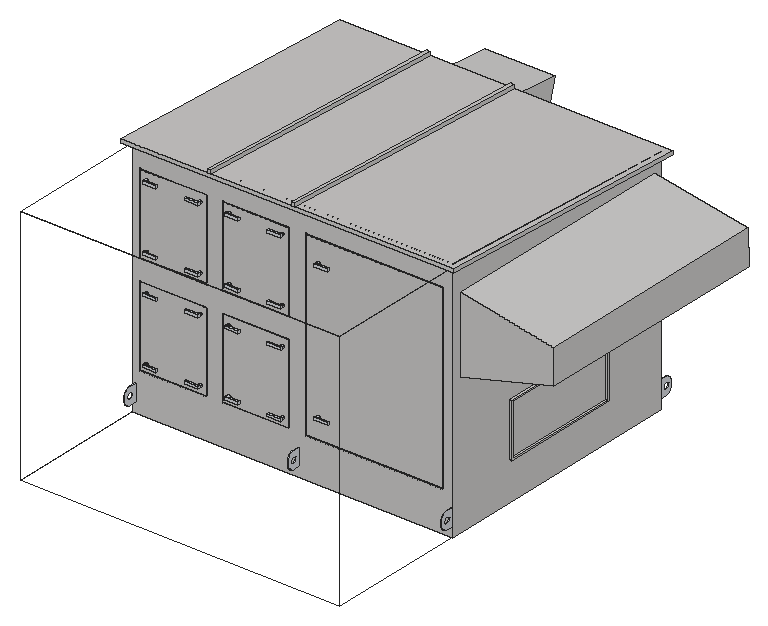
Revit family "DN-3RT-1FP-EC", category Mechanical Equipment, Revit 2016
Family settings
  Part Type = Normal
  Round Connector Dimension = Use Diameter
  OmniClass Number = 23.75.00.00
  OmniClass Title = Climate Control (HVAC)
  Work Plane-Based = No
  Always vertical = Yes
  Cut with Voids When Loaded = No
  Shared = No
  Room Calculation Point = No
Parameters (values of type "2 @ 2.70 kW ea.")
  Voltage [instance] = "200-240 V"
  Unit Weight Range (lbs) [instance] = "2700-2900 lbs."
  Max. Shipping Weight (lbs) [instance] = "2925-3125 lbs."
  Unit Dimensions (L x W x H) [instance] = "125-1/4\" x 102-1/2\" x 75-1/8\""
  Shipping Dimensions (L x W x H) [instance] = "120\" x 90\" x 81\""
  Unit [instance] = Renewaire - Galvanized Steel
  URL = "www.renewaire.com"
  Typical Airflow Range = "750-3,300 CFM"
  Standard Features [instance] = "EC Motors for both airstreams, Direct drive backward inclined plenum, Higher ESP of up to 2.5\" w.g. at 3,000 CFM, Integrated programmable controls, True 100% face and bypass enthalpy based modulating economizer, Class 1 low leakage motorized isolation dampers, Stainless steel double-sloped drain pan with cooling option, 1\" Double wall foam injected 20 gauge galvanized panel construction with R6.5 insulation"
  Service Area Visibility [instance] = yes
  Service Area Box [instance] = Renewaire - Interference
  Revit Object Download Link [instance] = ""
  Phase [instance] = "Three"
  Options [instance] = "DX, heat pump, or chilled water cooling coil, Modulating hot gas reheat, Steam or hot water coil, Onboard variable frequency drives (VFDs) - both airstreams, Fused disconnect, Spring isolators (VFDs only), 2\" Double wall foam injected 20 gauge galvanized panel construction with R13 insulation, Exterior paint - grey, white, custom color, Salt spray - 2500 hours, BACNET factory activation, GFCI convenience outlet, Recirculation damper, Drain overflow switch, Mist Eliminator, Electrofin coating for coils"
  Number Motors [instance] = "Qty. 2, Direct drive motorized impeller packages"
  Model = "DN-3RT-1FP-EC"
  Minimum Circuit Amps [instance] = "19.4 A"
  Maximum Overcurrent Protection [instance] = "25 A"
  Manufacturer = "Renewaire LLC"
  Inlets/Outlets [instance] = "OA & RA Inlets: 36\" x 16\", SA Outlet: 24\" x 16\", EA Outlet: 20\" x 16\""
  Frequency [instance] = "50/60 Hz"
  Filters [instance] = "Total qty. 6, MERV 8: 20\" x 20\" x 2\""
  FLA per Motor [instance] = "8.6-7.2"
  Energy Recovery Type [instance] = "Static plate total energy transfer"
  Description = "Energy Recovery Ventilator"
  Accessories [instance] = "Filters - MERV 13, 2\"  and 4\" (shipped loose), MERV 14, 2\" and 4\" (shipped loose), Additional filters available upon request, Roof curb - standard 14\", Hurricane or seismic rated curbs, Curb clip kit, Carbon dioxide sensor/control - wall mount (CO2-W), duct mount (CO2-D), IAQ sensor - wall mount (IAQ-W), duct mount (IAQ-D), Motion occupancy sensor/control - ceiling mount (MC-C), wall mount (MC-W), Smoke detector, Room temperature and humidity sensor, Duct static pressure sensor with display to 10\", without display 0-2\", Room pressure sensor with display to 1\", without display 0-1\", Waterless trap negative pressure, waterless trap positive pressure, Remote display"
  AHRI 1060 Certified Core [instance] = "Three L-125-G5"
Types (6): name | Voltage | Minimum Circuit Amps | Maximum Overcurrent Protection | FLA per Motor
  (no name) | "200-240 V" | "19.4 A" | "25 A" | "8.6-7.2"
  2 @ 2.70 kW ea. | "200-240 V" | "19.4 A" | "25 A" | "8.6-7.2"
  2 @ 3.70 kW ea. | "380-480 V" | "13.5 A" | "15 A" | "6.0-4.6"
  2 @ 5HP ea. 208-230V | "208-230 V" | "31.3 A" | "45 A" | "13.9-13.4/6.7"
  2 @ 5HP ea. 460V | "460V" | "15.1 A" | "20 A" | "6.7"
  2 @ 5HP ea. 575V | "575V" | "11.9 A" | "15 A" | "5.3"
Reference planes (in)
  plane 1 "Center (Front/Back)": y = 0
  plane 2: z = 0
  plane 3 "Center (Left/Right)": x = 0
  plane 4: y = -38.6875
  plane 5: x = -24.375
Forms (in)
  Extrusion 1, solid, material "Renewaire - Galvanized Steel" <- "Unit"
    sketch origin (0, 0, 0) x (0, 1, 0) y (0, 0, 1)
      loop
        line (38.6875, 68.86392) -> (-38.6875, 72.89316) -> (-38.6875, 0) -> (38.6875, 0) -> (38.6875, 68.86392)
    from 70.875 to -24.375
  Extrusion 2, void
    sketch origin (0, 0, 2) x (1, 0, 0) y (0, 0, 1)
      loop
        line (-2.29085, 63.82394) -> (-22.29085, 63.82394) -> (-22.29085, 39.82168) -> (-2.29085, 39.82168) -> (-2.29085, 63.82394)
      loop
        line (22.23876, 63.82394) -> (2.23876, 63.82394) -> (2.23876, 39.82168) -> (22.23876, 39.82168) -> (22.23876, 63.82394)
      loop
        line (68.1547, 63.82394) -> (27.15471, 63.82394) -> (27.15471, 9.82169) -> (68.1547, 9.82169) -> (68.1547, 63.82394)
      loop
        line (-2.29085, 33.82282) -> (-22.29085, 33.82282) -> (-22.29085, 9.82055) -> (-2.29085, 9.82055) -> (-2.29085, 33.82282)
      loop
        line (22.23876, 33.82282) -> (2.23876, 33.82282) -> (2.23876, 9.82055) -> (22.23876, 9.82055) -> (22.23876, 33.82282)
    from 39.6875 to 37.6875
  Extrusion 3, solid, material "Renewaire - Galvanized Steel" <- "Unit"
    sketch origin (0, 0, 0) x (0, 1, 0) y (0, 0, 1)
      loop
        line (12.02253, 30.88417) -> (-11.97747, 30.88417) -> (-11.97747, 14.88417) -> (12.02253, 14.88417) -> (12.02253, 30.88417)
      loop
        line (11.77253, 30.63417) -> (-11.72747, 30.63417) -> (-11.72747, 15.13417) -> (11.77253, 15.13417) -> (11.77253, 30.63417)
    from -24.375 to -25.375
  Extrusion 4, solid, material "Renewaire - Galvanized Steel" <- "Unit"
    sketch origin (0, 0, 2) x (1, 0, 0) y (0, 0, 1)
      loop
        line (-22.04085, 63.57394) -> (-22.04085, 40.07168) -> (-2.54085, 40.07168) -> (-2.54085, 63.57394) -> (-22.04085, 63.57394)
      loop
        line (27.40471, 63.57394) -> (27.40471, 10.07169) -> (67.9047, 10.07169) -> (67.9047, 63.57394) -> (27.40471, 63.57394)
      loop
        line (-22.04085, 33.57282) -> (-22.04085, 10.07055) -> (-2.54085, 10.07055) -> (-2.54085, 33.57282) -> (-22.04085, 33.57282)
      loop
        line (2.48876, 63.57394) -> (2.48876, 40.07168) -> (21.98876, 40.07168) -> (21.98876, 63.57394) -> (2.48876, 63.57394)
      loop
        line (2.48876, 33.57282) -> (2.48876, 10.07055) -> (21.98876, 10.07055) -> (21.98876, 33.57282) -> (2.48876, 33.57282)
    from 38.6875 to 37.6875
  Extrusion 5, solid, material "Renewaire - Galvanized Steel" <- "Unit"
    sketch origin (0, 0, 0) x (0, 1, 0) y (0, 0, 1)
      loop
        line (-17.97746, 27.82167) -> (-17.97746, 11.82167) -> (18.02254, 11.82167) -> (18.02254, 27.82167) -> (-17.97746, 27.82167)
      loop
        line (-17.72746, 27.57167) -> (-17.72746, 12.07167) -> (17.77254, 12.07167) -> (17.77254, 27.57167) -> (-17.72746, 27.57167)
    from 71.875 to 70.875
  Extrusion 6, void
    sketch origin (0, 0, 0) x (1, 0, 0) y (0, 1, 0)
      loop
        line (-22.375, 36.6875) -> (-22.375, -36.6875) -> (68.875, -36.6875) -> (68.875, 36.6875) -> (-22.375, 36.6875)
    from -1 to 8
  Extrusion 7, void
    sketch origin (0, 0, 0) x (1, 0, 0) y (0, 1, 0)
      loop
        line (64.82319, 18.02251) -> (48.8232, 18.02251) -> (48.8232, -17.97749) -> (64.82319, -17.97749) -> (64.82319, 18.02251)
      loop
        line (-2.21729, 11.9775) -> (-18.21729, 11.9775) -> (-18.21729, -12.0225) -> (-2.21729, -12.0225) -> (-2.21729, 11.9775)
    from 4 to 8.125
  Extrusion 8, solid, material "Renewaire - Galvanized Steel" <- "Unit"
    sketch origin (0, 0, 0) x (0, 1, 0) y (0, 0, 1)
      loop
        line (40.77402, 67.99062) -> (40.82511, 68.98932) -> (-40.7343, 73.16164) -> (-40.78539, 72.16294) -> (40.77402, 67.99062)
    from -26.375 to 72.75299
  Extrusion 9, solid, material "Renewaire - Galvanized Steel" <- "Unit"
    sketch origin (0, 0, 0) x (1, 0, 0) y (0, 0, 1)
      loop
        line (70.875, 64.44269) -> (70.875, 41.65389) -> (98.94202, 49.24372) -> (98.94202, 59.49372) -> (70.875, 64.44269)
    from -36.23016 to 36.21682
  Extrusion 10, solid, material "Renewaire - Galvanized Steel" <- "Unit"
    sketch origin (0, 0, 0) x (0, 1, 0) y (0, 0, 1)
      loop
        line (38.6875, 64.62516) -> (38.6875, 46.19134) -> (55.10189, 46.19134) -> (59.85664, 62.7731) -> (38.6875, 64.62516)
    from 1.62724 to 22.31458
  Extrusion 11, void
    sketch origin (0, 0, 0) x (1, 0, 0) y (0, 0, 1)
      loop
        line (-2.29085, 65.82394) -> (-22.29085, 65.82394) -> (-22.29085, 41.82168) -> (-2.29085, 41.82168) -> (-2.29085, 65.82394)
      loop
        line (-2.29085, 35.82282) -> (-22.29085, 35.82282) -> (-22.29085, 11.82055) -> (-2.29085, 11.82055) -> (-2.29085, 35.82282)
    from -37.6875 to -48
  Extrusion 12, solid, material "Renewaire - Galvanized Steel" <- "Unit"
    sketch origin (0, 0, 0) x (1, 0, 0) y (0, 0, 1)
      loop
        line (-2.54085, 65.57394) -> (-22.04085, 65.57394) -> (-22.04085, 42.07168) -> (-2.54085, 42.07168) -> (-2.54085, 65.57394)
      loop
        line (-2.54085, 35.57282) -> (-22.04085, 35.57282) -> (-22.04085, 30.57282) -> (-2.54085, 30.57282) -> (-2.54085, 35.57282)
      loop
        line (-2.54085, 30.32282) -> (-22.04085, 30.32282) -> (-22.04085, 17.32055) -> (-2.54085, 17.32055) -> (-2.54085, 30.32282)
      loop
        line (-2.54085, 17.07055) -> (-22.04085, 17.07055) -> (-22.04085, 12.07055) -> (-2.54085, 12.07055) -> (-2.54085, 17.07055)
    from -38.6875 to -37.6875
  Extrusion 13, solid, material "Renewaire - Interference" <- "Service Area Box"
    sketch origin (0, 0, 0) x (1, 0, 0) y (0, 1, 0)
      loop
        line (-24.375, -38.6875) -> (-24.375, -80.6875) -> (70.875, -80.6875) -> (70.875, -38.6875) -> (-24.375, -38.6875)
    from 0 to 71.88463
  Extrusion 14, solid, material "Renewaire - Galvanized Steel" <- "Unit"
    sketch origin (0, 0, 0) x (0, 1, 0) y (0, 0, 1)
      loop
        line (40.82511, 68.98932) -> (40.8762, 69.98801) -> (-40.68321, 74.16033) -> (-40.7343, 73.16164) -> (40.82511, 68.98932)
    from 0.5 to -0.5
  Extrusion 15, solid, material "Renewaire - Galvanized Steel" <- "Unit"
    sketch origin (0, 0, 0) x (0, 1, 0) y (0, 0, 1)
      loop
        line (40.82511, 68.98932) -> (40.8762, 69.98801) -> (-40.68321, 74.16033) -> (-40.7343, 73.16164) -> (40.82511, 68.98932)
    from 24.5 to 25.5
Cuts and joins
  Extrusion 2, Extrusion 6, Extrusion 7, Extrusion 11 cuts Extrusion 1
Dimensions and locks (in)
  aligned and locked: level to plane 2
  aligned and locked: cut or joined group of Extrusion 1, Extrusion 2, Extrusion 6, Extrusion 7, Extrusion 11 to Extrusion 4
  aligned and locked: Extrusion 4 to plane 4
  aligned and locked: cut or joined group of Extrusion 1, Extrusion 2, Extrusion 6, Extrusion 7, Extrusion 11 to nested 1
  aligned and locked: Extrusion 11 to Extrusion 12
  aligned and locked: cut or joined group of Extrusion 1, Extrusion 2, Extrusion 6, Extrusion 7, Extrusion 11 to Extrusion 13 sketch curve
  aligned and locked: Extrusion 13 sketch curve to cut or joined group of Extrusion 1, Extrusion 2, Extrusion 6, Extrusion 7, Extrusion 11  (x2)
Nested families (in)
  nested 1: "Lifting Lug" at (-23.625, -38.6875, 2.74993) x (0, -1, 0) z (0, 0, 1), Material <- "Unit", type "Lifting Lug"
    with Material Renewaire - Galvanized Steel
  nested 2: "Lifting Lug" at (70.7892, -38.6875, 2.74993) x (0, -1, 0) z (0, 0, 1), Material <- "Unit", type "Lifting Lug"
    with Material Renewaire - Galvanized Steel
  nested 3: "Handle" at (-4.33426, -38.6875, 63.21643), type "Handle"
    with Right Handle no, Left Handle yes, Flip yes
  nested 4: "Handle" at (-4.33426, -38.6875, 44.21643), type "Handle"
    with Right Handle no, Left Handle yes, Flip yes
  nested 5: "Handle" at (-20.24744, -38.6875, 63.21643) x (-1, 0, 0) z (0, 0, 1), type "Handle"
    with Right Handle no, Left Handle yes, Flip yes
  nested 6: "Handle" at (-20.24744, -38.6875, 44.21643) x (-1, 0, 0) z (0, 0, 1), type "Handle"
    with Right Handle no, Left Handle yes, Flip yes
  nested 7: "Handle" at (20.19534, -38.6875, 63.21643), type "Handle"
    with Right Handle no, Left Handle yes, Flip yes
  nested 8: "Handle" at (20.19534, -38.6875, 44.21643), type "Handle"
    with Right Handle no, Left Handle yes, Flip yes
  nested 9: "Handle" at (4.28217, -38.6875, 63.21643) x (-1, 0, 0) z (0, 0, 1), type "Handle"
    with Right Handle no, Left Handle yes, Flip yes
  nested 10: "Handle" at (4.28217, -38.6875, 44.21643) x (-1, 0, 0) z (0, 0, 1), type "Handle"
    with Right Handle no, Left Handle yes, Flip yes
  nested 11: "Handle" at (20.19534, -38.6875, 33.2153), type "Handle"
    with Right Handle no, Left Handle yes, Flip yes
  nested 12: "Handle" at (20.19534, -38.6875, 14.2153), type "Handle"
    with Right Handle no, Left Handle yes, Flip yes
  nested 13: "Handle" at (4.28217, -38.6875, 33.2153) x (-1, 0, 0) z (0, 0, 1), type "Handle"
    with Right Handle no, Left Handle yes, Flip yes
  nested 14: "Handle" at (4.28217, -38.6875, 14.2153) x (-1, 0, 0) z (0, 0, 1), type "Handle"
    with Right Handle no, Left Handle yes, Flip yes
  nested 15: "Handle" at (-4.33426, -38.6875, 33.2153), type "Handle"
    with Right Handle no, Left Handle yes, Flip yes
  nested 16: "Handle" at (-4.33426, -38.6875, 14.2153), type "Handle"
    with Right Handle no, Left Handle yes, Flip yes
  nested 17: "Handle" at (-20.24744, -38.6875, 33.2153) x (-1, 0, 0) z (0, 0, 1), type "Handle"
    with Right Handle no, Left Handle yes, Flip yes
  nested 18: "Handle" at (-20.24744, -38.6875, 14.2153) x (-1, 0, 0) z (0, 0, 1), type "Handle"
    with Right Handle no, Left Handle yes, Flip yes
  nested 19: "Lifting Lug" at (70.7892, 38.6875, 2.74993) x (0, 1, 0) z (0, 0, 1), Material <- "Unit", type "Lifting Lug"
    with Material Renewaire - Galvanized Steel
  nested 20: "Handle" at (-4.33426, 38.6875, 63.21643), type "Handle"
    with Right Handle no, Left Handle yes, Flip yes
  nested 21: "Handle" at (-4.33426, 38.6875, 44.21643), type "Handle"
    with Right Handle no, Left Handle yes, Flip yes
  nested 22: "Handle" at (-20.24744, 38.6875, 63.21643) x (-1, 0, 0) z (0, 0, 1), type "Handle"
    with Right Handle no, Left Handle yes, Flip yes
  nested 23: "Handle" at (-20.24744, 38.6875, 44.21643) x (-1, 0, 0) z (0, 0, 1), type "Handle"
    with Right Handle no, Left Handle yes, Flip yes
  nested 24: "Handle" at (-4.33426, 38.6875, 27.36287), type "Handle"
    with Right Handle no, Left Handle yes, Flip yes
  nested 25: "Handle" at (-4.33426, 38.6875, 19.9653), type "Handle"
    with Right Handle no, Left Handle yes, Flip yes
  nested 26: "Handle" at (-20.24744, 38.6875, 27.36287) x (-1, 0, 0) z (0, 0, 1), type "Handle"
    with Right Handle no, Left Handle yes, Flip yes
  nested 27: "Handle" at (-20.24744, 38.6875, 19.9653) x (-1, 0, 0) z (0, 0, 1), type "Handle"
    with Right Handle no, Left Handle yes, Flip yes
  nested 28: "Lifting Lug" at (25.125, -38.6875, 2.74993) x (0, -1, 0) z (0, 0, 1), Material <- "Unit", type "Lifting Lug"
    with Material Renewaire - Galvanized Steel
  nested 29: "Lifting Lug" at (-23.625, 38.6875, 2.74993) x (0, 1, 0) z (0, 0, 1), Material <- "Unit", type "Lifting Lug"
    with Material Renewaire - Galvanized Steel
  nested 30: "Handle" at (30.90471, -38.6875, 59.07394) x (-1, 0, 0) z (0, 0, 1), type "Handle"
    with Right Handle no, Left Handle yes, Flip yes
  nested 31: "Handle" at (30.90471, -38.6875, 18.09892) x (-1, 0, 0) z (0, 0, 1), type "Handle"
    with Right Handle no, Left Handle yes, Flip yes
  nested 32: "Lifting Lug" at (25.125, 38.6875, 2.74993) x (0, 1, 0) z (0, 0, 1), Material <- "Unit", type "Lifting Lug"
    with Material Renewaire - Galvanized Steel
Connectors (in)
  hvac at (-25.375, 0.02253, 22.88417)
    settings: on Extrusion 3, index 1, duct flow 0 CFM, flow factor 0, pres drop 0.00 in-wg, loss coef 0, conn angle 0.00°, conn width 24", conn height 16", conn diameter 24", duct sys type 1, conn prof type 1, flow config 0, flow direction 2, loss method 0, conn ref index -1, conn util no, is conn primary yes, conn desc "Supply Air (SA)"
  hvac at (56.8232, 0.02251, 8)
    settings: on cut or joined group of Extrusion 1, Extrusion 2, Extrusion 6, Extrusion 7, Extrusion 11, index 3, duct flow 0 CFM, flow factor 0, pres drop 0.00 in-wg, loss coef 0, conn angle 0.00°, conn width 36", conn height 16", conn diameter 24", duct sys type 2, conn prof type 1, flow config 0, flow direction 1, loss method 0, conn ref index -1, conn util no, is conn primary no, conn desc "Return Air (RA)"
  hvac at (71.875, 0.02254, 19.82167)
    settings: on Extrusion 5, index 4, duct flow 0 CFM, flow factor 0, pres drop 0.00 in-wg, loss coef 0, conn angle 0.00°, conn width 36", conn height 16", conn diameter 24", duct sys type 2, conn prof type 1, flow config 0, flow direction 1, loss method 0, conn ref index -1, conn util no, is conn primary no, conn desc "Return Air (RA)"
  hvac at (-10.21729, -0.0225, 8.125)
    settings: on cut or joined group of Extrusion 1, Extrusion 2, Extrusion 6, Extrusion 7, Extrusion 11, index 5, duct flow 0 CFM, flow factor 0, pres drop 0.00 in-wg, loss coef 0, conn angle 0.00°, conn width 16", conn height 24", conn diameter 24", duct sys type 1, conn prof type 1, flow config 0, flow direction 2, loss method 0, conn ref index -1, conn util no, is conn primary no, conn desc "Supply Air (SA)"
Definition of nested family "Lifting Lug"
  Parameters (values of type "Lifting Lug")
    Material [instance] = none
  Reference planes (in)
    plane 1 "Center (Front/Back)": y = 0
    plane 2: z = 0
    plane 3 "Center (Left/Right)": x = 0
  Forms (in)
    Extrusion 1, solid
      sketch origin (0, 0, 0) x (1, 0, 0) y (0, 0, 1)
        loop
          line (0, 0.1875) -> (2, 0.1875)
          arc (2, 0.1875) -> (3.41421, 0.77329) -> (4, 2.1875) r 2
          line (4, 2.1875) -> (4, 3.1875)
          arc (4, 3.1875) -> (3.41421, 4.60171) -> (2, 5.1875) r 2
          line (2, 5.1875) -> (0, 5.1875) -> (0, 0.1875)
        loop
          circle (2.125, 2.6875) r 1
      from 0 to 0.25
  Dimensions and locks (in)
    aligned and locked: plane 2 to level
Definition of nested family "Handle"
  Parameters (values of type "Handle")
    Right Handle [instance] = not(Flip)  # no
    Material = none
    Left Handle [instance] = Flip  # yes
    Flip [instance] = yes
  Reference planes (in)
    plane 1 "Center (Front/Back)": y = 0
    plane 2: z = 0
    plane 3 "Center (Left/Right)": x = 0
  Forms (in)
    Extrusion 1, solid, material <- "Material"
      sketch origin (0, 0, 0) x (1, 0, 0) y (0, 0, 1)
        loop
          circle (0, 0) r 0.375
      from 0 to 0.75
    Extrusion 2, solid, material <- "Material", visible <- "Right Handle"
      sketch origin (0, 0, 0) x (1, 0, 0) y (0, 1, 0)
        loop
          line (-0.375, -0.75) -> (-0.375, -1.25) -> (3.625, -1.25) -> (3.625, -0.75) -> (-0.375, -0.75)
      from -0.375 to 0.375
    Extrusion 3, solid, material <- "Material", visible <- "Left Handle"
      sketch origin (-3.25, 0, 0) x (1, 0, 0) y (0, 1, 0)
        loop
          line (-0.375, -0.75) -> (-0.375, -1.25) -> (3.625, -1.25) -> (3.625, -0.75) -> (-0.375, -0.75)
      from -0.375 to 0.375
  Dimensions and locks (in)
    aligned and locked: plane 2 to level
